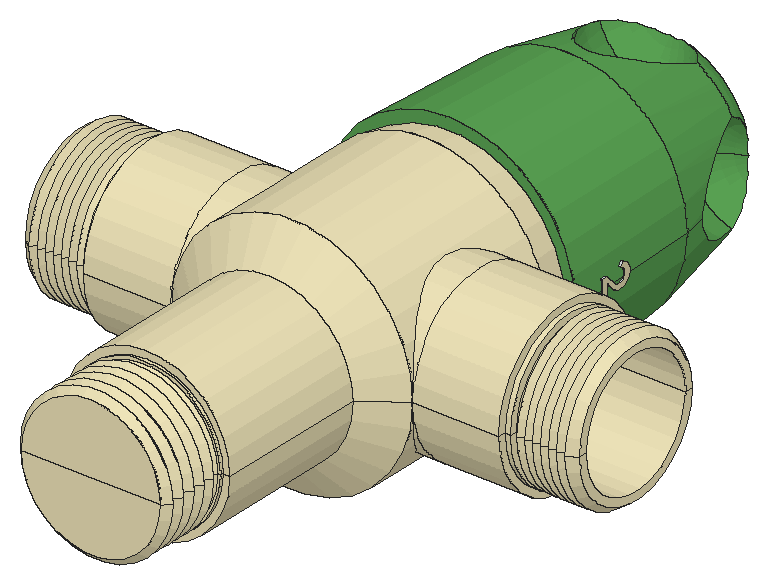
Revit family "29002-presto", category Plumbing Fixtures, Revit 2022
Family settings
  Round Connector Dimension = Use Diameter
  Part Type = Normal
  OmniClass Number = 23.45.00.00
  OmniClass Title = Sanitary, Laundry, and Cleaning Equipment
  Work Plane-Based = Yes
  Always vertical = Yes
  Cut with Voids When Loaded = No
  Maintain Annotation Orientation = No
  Shared = No
  Room Calculation Point = No
Parameters (values of type "29002- Les Robinets PRESTO")
  temperature hot wotar = 85 °C
  temperature = 65 °C
  ref = "29002 - Thermostatic mixing valve with disconnectable temperature control"
  range = "Safety Thermostatic Mixing Valve"
  pressure = 5.0 Pa
  min pressure = 1.0 Pa
  material 2 = croom
  material 1 = green paint
  material = none
  flow = 57.0 L/min
  brand = "Les Robinets PRESTO"
  URL = "https://www.prestodatashare.com/espacedoc/Fiches_Techniques/GB/29002.pdf"
  Stability of mixed water temperature = 2 °C
  Recommended pressure = 3.0 Pa
  REF [instance] = "29002 - Thermostatic mixing valve with disconnectable temperature control"
  RANGE [instance] = "Safety Thermostatic Mixing Valve"
  Model = "29002 - Thermostatic mixing valve with temperature locking"
  Minimum differential temperature = 15 °C
  Description = "29002 - Thermostatic mixing valve with disconnectable temperature control"
  Default Elevation = 1219.2 mm
  Assembly Code = "29002 "
  > Standards & approvals = "200-hour neutral salt spray resistant (NSS) in accordance with ISO 9227 Brass body in accordance with EN 1982, EN 12164, EN 12156\r\n50 l/min\r\n3/4”\r\n75°C\r\n3 YEARS\r\nPRESTO (LES ROBINETS) : Siège Social: 7 rue Racine 92542 Montrouge Cedex - Site de Production: 4 rue Lavoisier 17110 St-Georges de Didonne - Tel: 01.46.12.34.56 - Fax: 01.40.92.00.12 - www.presto.fr\r\nR\r\nR\r\nA\r\nA\r\nN\r\nT\r\nW\r\nY\r\nY\r\nW\r\n\r\n200-hour neutral salt spray resistant (NSS) in accordance with ISO 9227 Brass body in accordance with EN 1982, EN 12164, EN 12156\r\n50 l/min\r\n3/4”\r\n75°C\r\n3 YEARS\r\nPRESTO (LES ROBINETS) : Siège Social: 7 rue Racine 92542 Montrouge Cedex - Site de Production: 4 rue Lavoisier 17110 St-Georges de Didonne - Tel: 01.46.12.34.56 - Fax: 01.40.92.00.12 - www.presto.fr\r\nR\r\nR\r\nA\r\nA\r\nN\r\nT\r\nW\r\nY\r\nY\r\nW\r\n200-hour neutral salt spray resistant (NSS) in accordance with ISO 9227 Brass body in accordance with EN 1982, EN 12164, EN 12156"
  - Hydraulic supply = 20.00 mm
Reference planes
  plane 1 "Center (Front/Back)": y = 0
  plane 2: z = 0
  plane 3 "Center (Left/Right)": x = 0
Forms (mm)
  Revolve 1, solid, material "croom" <- "material 2"
    sketch origin (0, -130, 0) x (1, 0, 0) y (0, 1, 0)
      loop
        line (0, -23.71) -> (24.117, -23.71) -> (26.4, -21.427) -> (24.117, -19.144) -> (26.4, -16.861) -> (24.117, -14.578) -> (26.4, -12.295) -> (24.117, -10.38) -> (26.4, -8.097) -> (24.117, -6.181) -> (26.4, -3.898) -> (24.117, -1.982) -> (25.344, -0.755) -> (26.4, -0.755) -> (26.4, 0.301) -> (29, 0.301) -> (29, 53.301) -> (42, 63.301) -> (42, 121.301) -> (40, 131.301) -> (0, 131.301) -> (0, -23.71)
      axis (0, 131.301) -> (0, -23.71)
    angle from 0 to 360
  Revolve 2, solid, material "croom"
    sketch origin (0, -130, 0) x (-1, 0, 0) y (0, -1, 0)
      loop
        line (72, -121.301) -> (72, -118.701) -> (74, -118.701) -> (74, -116.418) -> (76.283, -118.701) -> (77.882, -116.418) -> (79, -118.701) -> (80.599, -116.418) -> (81.717, -118.701) -> (83.316, -116.418) -> (84.434, -118.701) -> (86.033, -116.418) -> (87.151, -118.701) -> (88.75, -116.418) -> (89.868, -118.701) -> (91.467, -116.418) -> (92.886, -118.701) -> (96, -116.418) -> (96, -113.701) -> (0, -113.701) -> (0, -121.301) -> (42, -121.301) -> (72, -121.301)
      axis (0, -92.108) -> (96, -92.108)
    angle from 0 to 360
  Revolve 3, solid, material "green paint" <- "material 1"
    sketch origin (0, -130, 0) x (1, 0, 0) y (0, 1, 0)
      loop
        arc (41.611, 182.654) -> (38.287, 199.612) -> (34.669, 216.51) r 995.859
        arc (34.669, 216.51) -> (29.311, 225.072) -> (20.274, 229.584) r 18.648
        line (20.274, 229.584) -> (0, 229.584) -> (0, 131.301) -> (44, 131.301) -> (41.611, 182.654)
      axis (0, 229.584) -> (0, 131.301)
    angle from 0 to 360
  Revolve 4, void
    sketch origin (-17.5, -130, 0) x (1, 0, 0) y (0, 1, 0)
      loop
        line (-17.904, 227.301) -> (-17.904, 184.126)
        arc (-17.904, 184.126) -> (-13.984, 187.43) -> (-10.679, 191.351) r 30.169
        arc (-10.679, 191.351) -> (-3.99, 203.357) -> (0, 216.51) r 64.402
        arc (0, 216.51) -> (-7.499, 224.316) -> (-17.904, 227.301) r 20.811
      axis (-17.904, 227.301) -> (-17.904, 184.126)
    angle from 0 to 360
  Revolve 5, void
    sketch origin (51.25, -130, 0) x (1, 0, 0) y (0, 1, 0)
      loop
        line (-17.904, 227.301) -> (-17.904, 184.126)
        arc (-17.904, 184.126) -> (-13.984, 187.43) -> (-10.679, 191.351) r 30.169
        arc (-10.679, 191.351) -> (-3.99, 203.357) -> (0, 216.51) r 64.402
        arc (0, 216.51) -> (-7.499, 224.316) -> (-17.904, 227.301) r 20.811
      axis (-17.904, 227.301) -> (-17.904, 184.126)
    angle from 0 to 360
  Revolve 6, void
    sketch origin (19.111, -130, 35.802) x (1, 0, 0) y (0, 1, 0)
      loop
        line (-17.904, 227.301) -> (-17.904, 184.126)
        arc (-17.904, 184.126) -> (-13.984, 187.43) -> (-10.679, 191.351) r 30.169
        arc (-10.679, 191.351) -> (-3.99, 203.357) -> (0, 216.51) r 64.402
        arc (0, 216.51) -> (-7.499, 224.316) -> (-17.904, 227.301) r 20.811
      axis (-17.904, 227.301) -> (-17.904, 184.126)
    angle from 0 to 360
  Revolve 7, void
    sketch origin (19.111, -130, -35.448) x (1, 0, 0) y (0, 1, 0)
      loop
        line (-17.904, 227.301) -> (-17.904, 184.126)
        arc (-17.904, 184.126) -> (-13.984, 187.43) -> (-10.679, 191.351) r 30.169
        arc (-10.679, 191.351) -> (-3.99, 203.357) -> (0, 216.51) r 64.402
        arc (0, 216.51) -> (-7.499, 224.316) -> (-17.904, 227.301) r 20.811
      axis (-17.904, 227.301) -> (-17.904, 184.126)
    angle from 0 to 360
  Extrusion 8, solid
    sketch origin (0, -130.788, -7.803) x (1, 0, 0) y (0, 0.99863, 0.052336)
      loop
        line (-1.828, 150.375) -> (-0.019, 150.375)
        arc (-0.019, 150.375) -> (-4.231, 153.705) -> (-4.726, 148.359) r 3.054
        arc (-4.726, 148.359) -> (-5.049, 142.51) -> (0.066, 145.365) r 3.344
        line (0.066, 145.365) -> (-1.794, 145.692)
        arc (-1.794, 145.692) -> (-4.753, 145.6) -> (-2.426, 147.431) r 1.558
        line (-2.426, 147.431) -> (-2.586, 149.061)
        arc (-2.586, 149.061) -> (-4.378, 150.972) -> (-1.828, 150.375) r 1.368
    from -41.608 to -43.626
  Extrusion 9, solid
    sketch origin (4.945, -123.301, 0) x (-0.034899, 0.999391, 0) y (0, 0, 1)
      loop
        line (136.709, -2.579) -> (136.709, 2.421)
        arc (136.709, 2.421) -> (138.002, 0.563) -> (139.509, -1.126) r 18.815
        arc (139.509, -1.126) -> (141.127, -2.201) -> (143.033, -2.579) r 5
        arc (143.033, -2.579) -> (146.982, 0.834) -> (144.176, 5.235) r 3.991
        line (144.176, 5.235) -> (143.092, 4.151)
        arc (143.092, 4.151) -> (144.512, 0.268) -> (140.386, 0) r 2.582
        arc (140.386, 0) -> (138.6, 1.976) -> (136.709, 3.852) r 48.629
        line (136.709, 3.852) -> (134.875, 3.852) -> (134.875, -2.579) -> (136.709, -2.579)
    from 42.421 to 43.741
  Extrusion 10, solid
    sketch origin (-9.738, 148.83, -27.451) x (-0.002605, 0.003645, -0.99999) y (0.999996, -0.000583, -0.002607)
      loop
        line (-16.122, 23.668) -> (-16.122, 26.198) -> (-19.266, 26.198) -> (-19.266, 25.398) -> (-18.075, 25.398) -> (-18.075, 23.668)
        arc (-18.075, 23.668) -> (-17.908, 23.266) -> (-17.506, 23.099) r 0.569
        line (-17.506, 23.099) -> (-16.692, 23.099)
        arc (-16.692, 23.099) -> (-16.289, 23.266) -> (-16.122, 23.668) r 0.569
      loop
        line (-16.694, 25.455) -> (-17.504, 25.455) -> (-17.504, 24.161)
        arc (-17.504, 24.161) -> (-17.099, 23.757) -> (-16.694, 24.161) r 0.405
        line (-16.694, 24.161) -> (-16.694, 25.455)
      loop
        line (-13.011, 19.296) -> (-13.011, 21.809) -> (-16.154, 21.809) -> (-16.154, 21.009) -> (-14.972, 21.009) -> (-14.972, 20.127)
        arc (-14.972, 20.127) -> (-15.034, 19.699) -> (-15.354, 19.408) r 0.64
        line (-15.354, 19.408) -> (-16.154, 19.408) -> (-16.154, 18.589) -> (-15.034, 18.589)
        arc (-15.034, 18.589) -> (-14.722, 18.883) -> (-14.607, 19.296) r 0.798
        arc (-14.607, 19.296) -> (-13.809, 18.497) -> (-13.011, 19.296) r 0.798
      loop
        line (-13.582, 21.007) -> (-14.382, 21.007) -> (-14.382, 19.713)
        arc (-14.382, 19.713) -> (-13.982, 19.313) -> (-13.582, 19.713) r 0.4
        line (-13.582, 19.713) -> (-13.582, 21.007)
      loop
        line (-10.677, 13.848) -> (-10.677, 16.679) -> (-13.82, 16.679) -> (-13.82, 13.848) -> (-13.02, 13.848) -> (-13.02, 15.843) -> (-11.477, 15.843) -> (-11.477, 13.848) -> (-10.677, 13.848)
      loop
        line (-11.849, 13.848) -> (-11.849, 15.655) -> (-12.649, 15.655) -> (-12.649, 13.848) -> (-11.849, 13.848)
      loop
        line (-8.656, 8.092) -> (-8.656, 9.995)
        arc (-8.656, 9.995) -> (-8.806, 10.417) -> (-9.19, 10.647) r 0.665
        line (-9.19, 10.647) -> (-9.974, 10.647)
        arc (-9.974, 10.647) -> (-10.358, 10.417) -> (-10.508, 9.995) r 0.665
        line (-10.508, 9.995) -> (-10.508, 8.023)
        arc (-10.508, 8.023) -> (-10.974, 8.848) -> (-10.679, 9.748) r 1.173
        line (-10.679, 9.748) -> (-10.679, 10.569)
        arc (-10.679, 10.569) -> (-11.277, 10.476) -> (-11.552, 9.937) r 0.665
        line (-11.552, 9.937) -> (-11.552, 8.034)
        arc (-11.552, 8.034) -> (-11.402, 7.612) -> (-11.018, 7.381) r 0.665
        line (-11.018, 7.381) -> (-10.234, 7.381)
        arc (-10.234, 7.381) -> (-9.85, 7.612) -> (-9.7, 8.034) r 0.665
        line (-9.7, 8.034) -> (-9.7, 10.006)
        arc (-9.7, 10.006) -> (-9.234, 9.181) -> (-9.529, 8.281) r 1.173
        line (-9.529, 8.281) -> (-9.529, 7.46)
        arc (-9.529, 7.46) -> (-8.931, 7.553) -> (-8.656, 8.092) r 0.665
      loop
        line (-11.064, 0.102) -> (-11.064, 3.237) -> (-11.88, 3.237) -> (-11.88, 2.097) -> (-14.321, 2.097) -> (-14.321, 1.258) -> (-11.88, 1.258) -> (-11.88, 0.102) -> (-11.064, 0.102)
      loop
        line (-14.918, -4.761) -> (-14.918, -2.724)
        arc (-14.918, -2.724) -> (-15.152, -2.158) -> (-15.718, -1.924) r 0.8
        line (-15.718, -1.924) -> (-16.8, -1.924)
        arc (-16.8, -1.924) -> (-17.365, -2.158) -> (-17.6, -2.724) r 0.8
        line (-17.6, -2.724) -> (-17.6, -4.761)
        arc (-17.6, -4.761) -> (-17.365, -5.327) -> (-16.8, -5.561) r 0.8
        line (-16.8, -5.561) -> (-15.718, -5.561)
        arc (-15.718, -5.561) -> (-15.152, -5.327) -> (-14.918, -4.761) r 0.8
      loop
        line (-15.6, -2.792) -> (-16.923, -2.792) -> (-16.923, -4.699) -> (-15.6, -4.699) -> (-15.6, -2.792)
    from 49.097 to 51.12
  Extrusion 11, solid
    sketch origin (-9.738, 148.83, 27.534) x (-0.002605, 0.003645, 0.99999) y (-0.999996, 0.000583, -0.002607)
      loop
        arc (-16.122, -23.668) -> (-16.289, -23.266) -> (-16.692, -23.099) r 0.569
        line (-16.692, -23.099) -> (-17.506, -23.099)
        arc (-17.506, -23.099) -> (-17.908, -23.266) -> (-18.075, -23.668) r 0.569
        line (-18.075, -23.668) -> (-18.075, -25.398) -> (-19.266, -25.398) -> (-19.266, -26.198) -> (-16.122, -26.198) -> (-16.122, -23.668)
      loop
        line (-16.694, -25.455) -> (-16.694, -24.161)
        arc (-16.694, -24.161) -> (-17.099, -23.757) -> (-17.504, -24.161) r 0.405
        line (-17.504, -24.161) -> (-17.504, -25.455) -> (-16.694, -25.455)
      loop
        arc (-13.011, -19.296) -> (-13.809, -18.497) -> (-14.607, -19.296) r 0.798
        arc (-14.607, -19.296) -> (-14.722, -18.883) -> (-15.034, -18.589) r 0.798
        line (-15.034, -18.589) -> (-16.154, -18.589) -> (-16.154, -19.408) -> (-15.354, -19.408)
        arc (-15.354, -19.408) -> (-15.034, -19.699) -> (-14.972, -20.127) r 0.64
        line (-14.972, -20.127) -> (-14.972, -21.009) -> (-16.154, -21.009) -> (-16.154, -21.809) -> (-13.011, -21.809) -> (-13.011, -19.296)
      loop
        line (-13.582, -21.007) -> (-13.582, -19.713)
        arc (-13.582, -19.713) -> (-13.982, -19.313) -> (-14.382, -19.713) r 0.4
        line (-14.382, -19.713) -> (-14.382, -21.007) -> (-13.582, -21.007)
      loop
        line (-10.677, -13.848) -> (-11.477, -13.848) -> (-11.477, -15.843) -> (-13.02, -15.843) -> (-13.02, -13.848) -> (-13.82, -13.848) -> (-13.82, -16.679) -> (-10.677, -16.679) -> (-10.677, -13.848)
      loop
        line (-11.849, -13.848) -> (-12.649, -13.848) -> (-12.649, -15.655) -> (-11.849, -15.655) -> (-11.849, -13.848)
      loop
        arc (-8.656, -8.092) -> (-8.931, -7.553) -> (-9.529, -7.46) r 0.665
        line (-9.529, -7.46) -> (-9.529, -8.281)
        arc (-9.529, -8.281) -> (-9.234, -9.181) -> (-9.7, -10.006) r 1.173
        line (-9.7, -10.006) -> (-9.7, -8.034)
        arc (-9.7, -8.034) -> (-9.85, -7.612) -> (-10.234, -7.381) r 0.665
        line (-10.234, -7.381) -> (-11.018, -7.381)
        arc (-11.018, -7.381) -> (-11.402, -7.612) -> (-11.552, -8.034) r 0.665
        line (-11.552, -8.034) -> (-11.552, -9.937)
        arc (-11.552, -9.937) -> (-11.277, -10.476) -> (-10.679, -10.569) r 0.665
        line (-10.679, -10.569) -> (-10.679, -9.748)
        arc (-10.679, -9.748) -> (-10.974, -8.848) -> (-10.508, -8.023) r 1.173
        line (-10.508, -8.023) -> (-10.508, -9.995)
        arc (-10.508, -9.995) -> (-10.358, -10.417) -> (-9.974, -10.647) r 0.665
        line (-9.974, -10.647) -> (-9.19, -10.647)
        arc (-9.19, -10.647) -> (-8.806, -10.417) -> (-8.656, -9.995) r 0.665
        line (-8.656, -9.995) -> (-8.656, -8.092)
      loop
        line (-11.064, -0.102) -> (-11.88, -0.102) -> (-11.88, -1.258) -> (-14.321, -1.258) -> (-14.321, -2.097) -> (-11.88, -2.097) -> (-11.88, -3.237) -> (-11.064, -3.237) -> (-11.064, -0.102)
      loop
        arc (-14.918, 4.761) -> (-15.152, 5.327) -> (-15.718, 5.561) r 0.8
        line (-15.718, 5.561) -> (-16.8, 5.561)
        arc (-16.8, 5.561) -> (-17.365, 5.327) -> (-17.6, 4.761) r 0.8
        line (-17.6, 4.761) -> (-17.6, 2.724)
        arc (-17.6, 2.724) -> (-17.365, 2.158) -> (-16.8, 1.924) r 0.8
        line (-16.8, 1.924) -> (-15.718, 1.924)
        arc (-15.718, 1.924) -> (-15.152, 2.158) -> (-14.918, 2.724) r 0.8
        line (-14.918, 2.724) -> (-14.918, 4.761)
      loop
        line (-15.6, 2.792) -> (-15.6, 4.699) -> (-16.923, 4.699) -> (-16.923, 2.792) -> (-15.6, 2.792)
    from 49.097 to 51.12
  Revolve 12, solid, material "croom"
    sketch origin (0, -130, 0) x (1, 0, 0) y (0, 1, 0)
      loop
        line (72, 121.301) -> (42, 121.301) -> (0, 121.301) -> (0, 113.701) -> (96, 113.701) -> (96, 116.418) -> (92.886, 118.701) -> (91.467, 116.418) -> (89.868, 118.701) -> (88.75, 116.418) -> (87.151, 118.701) -> (86.033, 116.418) -> (84.434, 118.701) -> (83.316, 116.418) -> (81.717, 118.701) -> (80.599, 116.418) -> (79, 118.701) -> (77.882, 116.418) -> (76.283, 118.701) -> (74, 116.418) -> (74, 118.701) -> (72, 118.701) -> (72, 121.301)
      axis (0, 92.108) -> (96, 92.108)
    angle from 0 to 360
  Revolve 13, solid, material "croom" <- "material 2"
    sketch origin (0, -130, 0) x (1, 0, 0) y (0, 1, 0)
      loop
        arc (-76.283, 92.108) -> (-56.283, 72.108) -> (-36.283, 92.108) r 20
        line (-36.283, 92.108) -> (-76.283, 92.108)
      axis (-76.283, 92.108) -> (-36.283, 92.108)
    angle from 0 to 360
  Revolve 14, solid, material "croom" <- "material 2"
    sketch origin (0, -130, 0) x (-1, 0, 0) y (0, -1, 0)
      loop
        line (-76.283, -92.108) -> (-36.283, -92.108)
        arc (-36.283, -92.108) -> (-56.283, -72.108) -> (-76.283, -92.108) r 20
      axis (-76.283, -92.108) -> (-36.283, -92.108)
    angle from 0 to 360
Cuts and joins
  Revolve 4, Revolve 5, Revolve 6, Revolve 7 cuts Revolve 3
Dimensions and locks
  aligned and locked: level to plane 2
Connectors
  piping at (0, -153.71, 0), diameter 32
    settings: on Revolve 1, index 2, connector inside diameter 609.6 mm, connector length 0 mm, flow factor 0, pipe flow 0.0 L/min, pressure drop 0.0 Pa, fitting loss kfactor 0, connector angle 0.00°, fixture units 0, engagement length 0 mm, angle of deflection 0.00°, flow configuration 0, flow direction 0, fitting loss method 0, system type 7, joint type 0, gender type 0, connector reference index -1, connector utility 0, adjustable connector no, is connector primary yes, connector description ""
  piping at (-96, -37.892, 0), diameter 32
    settings: on Revolve 2, index 3, connector inside diameter 609.6 mm, connector length 0 mm, flow factor 0, pipe flow 0.0 L/min, pressure drop 0.0 Pa, fitting loss kfactor 0, connector angle 0.00°, fixture units 0, engagement length 0 mm, angle of deflection 0.00°, flow configuration 0, flow direction 0, fitting loss method 0, system type 7, joint type 0, gender type 0, connector reference index -1, connector utility 0, adjustable connector no, is connector primary no, connector description ""
  piping at (96, -37.892, 0), diameter 32
    settings: on Revolve 12, index 4, connector inside diameter 609.6 mm, connector length 0 mm, flow factor 0, pipe flow 0.0 L/min, pressure drop 0.0 Pa, fitting loss kfactor 0, connector angle 0.00°, fixture units 0, engagement length 0 mm, angle of deflection 0.00°, flow configuration 0, flow direction 0, fitting loss method 0, system type 7, joint type 0, gender type 0, connector reference index -1, connector utility 0, adjustable connector no, is connector primary no, connector description ""
